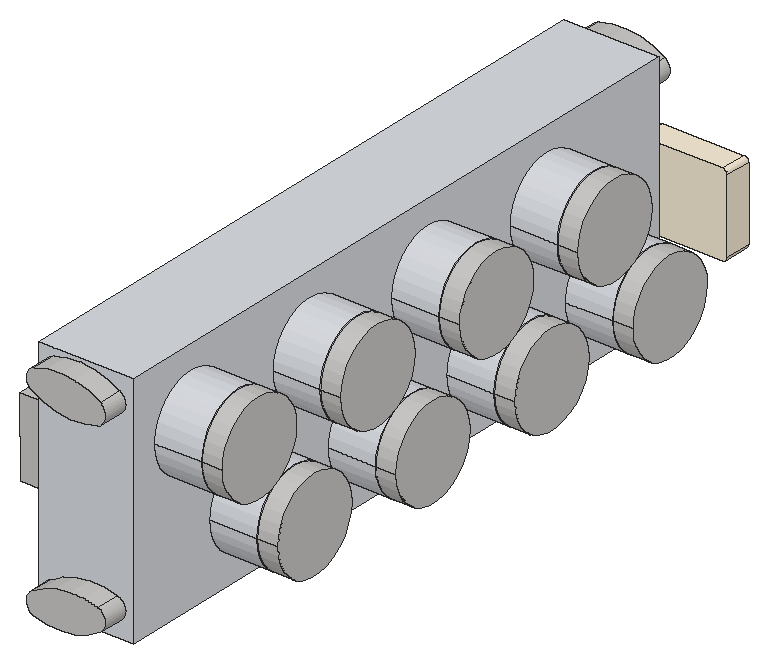
Revit family "HVAC_Ductwork_Airzone_Motorized-Plenum_Haier_Standard_8-Dampers", category Mechanical Equipment, Revit 2016
Family settings
  Part Type = Normal
  Round Connector Dimension = Use Diameter
  OmniClass Number = 23.75.70.14
  OmniClass Title = Air Ductwork
  Work Plane-Based = No
  Always vertical = Yes
  Cut with Voids When Loaded = No
  Shared = No
  Room Calculation Point = No
Parameters (values of type "HAIST01XL8")
  Voltage = 230 V
  URL = "www.airzone.es"
  Type Image Comments = "Image available in product documentation download"  # constant formula
  Revit Model Version = "1.0"  # constant formula
  Revit Model Author URL = "www.a3d.es"
  Revit Model Author = "A3D Consulting"  # constant formula
  Product Documentation Download URL = "http://doc.airzone.es/BIM/Easyzone/Haier-Airzone_motorized_plenum.zip"
  Product Comments = "Refer to technical documentation for further details"  # constant formula
  Power Factor = 1
  Neck Width = 1289.600 mm
  Neck Length = 95.000 mm
  Neck Height = 171.600 mm
  Material = Metal - AIRZONE - Galvanized Sheet - Semi-polished
  Main Control Board Material = Plastic - AIRZONE - Smooth - Off-white
  Load Classification = Other
  Insulated Body Width = 205.000 mm  # constant formula
  Insulated Body Material = Metal -AIRZONE - Insulating Lining -Aluminum Finish
  Insulated Body Length = 1425.000 mm  # constant formula
  Insulated Body Height = 515.000 mm  # constant formula
  Fresh Air Inlet 4 Flow [instance] = 0 m³/h
  Fresh Air Inlet 3 Flow [instance] = 0 m³/h
  Flow [instance] = Damper 8 Air Flow + Damper 7 Air Flow + Damper 6 Air Flow + Damper 5 Air Flow + Damper 4 Air Flow + Damper 3 Air Flow + Damper 2 Air Flow + Damper 1 Air Flow - Fresh Air Inlet 4 Flow - Fresh Air Inlet 3 Flow - Fresh Air Inlet 2 Flow - Fresh Air Inlet 1 Flow  # 2400 m³/h
  Fresh Air Inlet 1 Flow [instance] = 0 m³/h
  Fresh Air Inlet 2 Flow [instance] = 0 m³/h
  Fresh Air Inlet Connection Width = 175.000 mm
  Fresh Air Inlet Connection Height = 75.000 mm
  Model = "HAIST01XL8"
  Neck Side Offset = 67.700 mm
  Neck Bottom Offset = 180.700 mm
  Type Image = <None>
  Manufacturer = "AIRZONE"  # constant formula
  Main Control Board Depth = 57.000 mm  # constant formula
  Main Control Board Width = 195.000 mm  # constant formula
  Main Control Board Height = 180.000 mm  # constant formula
  Fixing = ""
  Disclaimer = "All information provided in this model is reviewed before being published. However, Airzone cannot guarantee this model is error-free, therefore users are strongly encouraged to check for technical documentation and updates"  # constant formula
  Description = "Airzone standard motorized plenum with neck that mechanically adapts to the main ducted AC units of Haier."
  Type Comments = ""
  Dampers Length = 149.000 mm  # constant formula
  Dampers Diameter = 200.000 mm  # constant formula
  Damper 8 Air Flow [instance] = 300 m³/h
  Damper 7 Air Flow [instance] = 300 m³/h
  Damper 6 Air Flow [instance] = 300 m³/h
  Damper 5 Air Flow [instance] = 300 m³/h
  Damper 4 Air Flow [instance] = 300 m³/h
  Damper 1 Air Flow [instance] = 300 m³/h
  Damper 2 Air Flow [instance] = 300 m³/h
  Damper 3 Air Flow [instance] = 300 m³/h
  Fresh Air Inlet Connection Offset Height = 48.305 mm  # constant formula
  Compatible Accesories = ""
  Apparent Load = 57.5 VA
Types (2, lengths in mm): name | Neck Width | Neck Height | Model | Neck Side Offset | Neck Bottom Offset
  HAIST02XL8 | 856.600 | 258.600 | "HAIST02XL8" | 284.200 | 149.700
  HAIST01XL8 | 1289.600 | 171.600 | "HAIST01XL8" | 67.700 | 180.700
Reference planes
  plane 1 "Center (Front/Back)": y = 0
  plane 2 "Center (Elevation)": z = 0
  plane 3 "Center (Left/Right)": x = 0
  plane 4 "Neck Back": y = 644.8
  plane 5 "Neck Front": y = -644.8
  plane 6 "Neck Top": z = 85.8
  plane 7 "Neck Bottom": z = -85.8
  plane 8 "Left": x = 95
  plane 9 "Bottom": z = -266.5
  plane 10 "Top": z = 248.5
  plane 11 "Front": y = -712.5
  plane 12 "Back": y = 712.5
  plane 13 "Right": x = 300
  plane 14 "Dampers Front": x = 449
  plane 15 "Dampers L1 Center (Elevation)": z = 98.5
  plane 16 "Damper3": y = -235.84
  plane 17 "Damper2": y = 85.83
  plane 18 "Damper1": y = 407.5
  plane 19 "Middle": y = 0
  plane 20 "FreshAir L2 Center (Elevation)": z = -218.195
  plane 21 "FreshAir1": y = 765
  plane 22 "FreshAir2": y = -765
  plane 23 "Dampers Lining": x = 404
  plane 24 "FreshAir Vertical Axis": x = 195.83
  plane 25 "ConnectionBox Side": x = 254
  plane 26 "Main Control Board Center (Left/Right)": x = 351.5
  plane 27 "Damper4": y = -557.51
  plane 28 "Dampers L2 Center (Elevation)": z = -116.5
  plane 29 "Damper5": y = 557.51
  plane 30 "Damper6": y = 235.84
  plane 31 "Damper7": y = -85.83
  plane 32 "Damper8": y = -407.5
  plane 33 "InsulatedBody Center (Elevation)": z = -9
  plane 34 "FreshAir L1 Center (Elevation)": z = 200.195
Forms (mm)
  Extrusion 1, solid, material "Metal - AIRZONE - Galvanized Sheet - Semi-polished" <- "Material"
    sketch origin (0, 0, 0) x (0, 1, 0) y (0, 0, 1)
      loop
        line (-644.8, 85.8) -> (-644.8, -85.8) -> (644.8, -85.8) -> (644.8, 85.8) -> (-644.8, 85.8)
    from 0 to 95
  Extrusion 2, solid, material "Metal -AIRZONE - Insulating Lining -Aluminum Finish" <- "Insulated Body Material"
    sketch origin (95, 0, 0) x (0, 1, 0) y (0, 0, 1)
      loop
        line (-712.5, 248.5) -> (-712.5, -266.5) -> (712.5, -266.5) -> (712.5, 248.5) -> (-712.5, 248.5)
    from 0 to 205
  Extrusion 3, solid, material "Metal - AIRZONE - Galvanized Sheet - Semi-polished" <- "Material"
    sketch origin (300, 0, 0) x (0, 1, 0) y (0, 0, 1)
      loop
        circle (-235.84, 98.5) r 100
    from 104 to 149
  Extrusion 4, solid, material "Metal - AIRZONE - Galvanized Sheet - Semi-polished" <- "Material"
    sketch origin (300, 0, 0) x (0, 1, 0) y (0, 0, 1)
      loop
        circle (85.83, 98.5) r 100
    from 104 to 149
  Extrusion 5, solid, material "Metal - AIRZONE - Galvanized Sheet - Semi-polished" <- "Material"
    sketch origin (300, 0, 0) x (0, 1, 0) y (0, 0, 1)
      loop
        circle (407.5, 98.5) r 100
    from 104 to 149
  Extrusion 6, solid, material "Metal - AIRZONE - Galvanized Sheet - Semi-polished" <- "Material"
    sketch origin (0, -712.5, 0) x (0, 0, 1) y (1, 0, 0)
      loop
        arc (-185.641, 265.204) -> (-207.108, 282.105) -> (-231.812, 270.434) r 25.96
        arc (-231.812, 270.434) -> (-257.802, 200.598) -> (-250.349, 126.456) r 164.67
        arc (-250.349, 126.456) -> (-229.165, 109.589) -> (-204.494, 120.751) r 25.96
        arc (-204.494, 120.751) -> (-178.225, 190.78) -> (-185.641, 265.204) r 164.67
    from 0 to -52.5
  Extrusion 7, solid, material "Metal - AIRZONE - Galvanized Sheet - Semi-polished" <- "Material"
    sketch origin (0, 712.5, 0) x (0, 0, 1) y (1, 0, 0)
      loop
        arc (-185.641, 265.204) -> (-206.825, 282.071) -> (-231.496, 270.909) r 25.96
        arc (-231.496, 270.909) -> (-257.679, 201.53) -> (-250.767, 127.699) r 164.67
        arc (-250.767, 127.699) -> (-229.532, 109.637) -> (-204.178, 121.226) r 25.96
        arc (-204.178, 121.226) -> (-178.188, 191.062) -> (-185.641, 265.204) r 164.67
    from 0 to 52.5
  Extrusion 8, solid, material "Metal -AIRZONE - Insulating Lining -Aluminum Finish" <- "Insulated Body Material"
    sketch origin (300, 0, 0) x (0, 1, 0) y (0, 0, 1)
      loop
        circle (407.5, 98.5) r 100
    from 0 to 104
  Extrusion 9, solid, material "Metal -AIRZONE - Insulating Lining -Aluminum Finish" <- "Insulated Body Material"
    sketch origin (300, -260, 0) x (0, 1, 0) y (0, 0, 1)
      loop
        circle (345.83, 98.5) r 100
    from 0 to 104
  Extrusion 10, solid, material "Metal -AIRZONE - Insulating Lining -Aluminum Finish" <- "Insulated Body Material"
    sketch origin (300, -520, 0) x (0, 1, 0) y (0, 0, 1)
      loop
        circle (284.16, 98.5) r 100
    from 0 to 104
  Extrusion 11, solid, material "Metal - AIRZONE - Galvanized Sheet - Semi-polished" <- "Material"
    sketch origin (300, -190, 0) x (0, 1, 0) y (0, 0, 1)
      loop
        circle (-367.51, 98.5) r 100
    from 104 to 149
  Extrusion 12, solid, material "Metal -AIRZONE - Insulating Lining -Aluminum Finish" <- "Insulated Body Material"
    sketch origin (300, -710, 0) x (0, 1, 0) y (0, 0, 1)
      loop
        circle (152.49, 98.5) r 100
    from 0 to 104
  Extrusion 13, solid, material "Metal -AIRZONE - Insulating Lining -Aluminum Finish" <- "Insulated Body Material"
    sketch origin (300, -100, 0) x (0, 1, 0) y (0, 0, 1)
      loop
        circle (657.51, -116.5) r 100
    from 0 to 104
  Extrusion 14, solid, material "Metal - AIRZONE - Galvanized Sheet - Semi-polished" <- "Material"
    sketch origin (300, 150.01, 0) x (0, 1, 0) y (0, 0, 1)
      loop
        circle (407.5, -116.5) r 100
    from 104 to 149
  Extrusion 15, solid, material "Metal -AIRZONE - Insulating Lining -Aluminum Finish" <- "Insulated Body Material"
    sketch origin (300, -421.67, 0) x (0, 1, 0) y (0, 0, 1)
      loop
        circle (657.51, -116.5) r 100
    from 0 to 104
  Extrusion 16, solid, material "Metal - AIRZONE - Galvanized Sheet - Semi-polished" <- "Material"
    sketch origin (300, -171.66, 0) x (0, 1, 0) y (0, 0, 1)
      loop
        circle (407.5, -116.5) r 100
    from 104 to 149
  Extrusion 17, solid, material "Metal -AIRZONE - Insulating Lining -Aluminum Finish" <- "Insulated Body Material"
    sketch origin (300, -743.34, 0) x (0, 1, 0) y (0, 0, 1)
      loop
        circle (657.51, -116.5) r 100
    from 0 to 104
  Extrusion 18, solid, material "Metal - AIRZONE - Galvanized Sheet - Semi-polished" <- "Material"
    sketch origin (300, -493.33, 0) x (0, 1, 0) y (0, 0, 1)
      loop
        circle (407.5, -116.5) r 100
    from 104 to 149
  Extrusion 19, solid, material "Metal -AIRZONE - Insulating Lining -Aluminum Finish" <- "Insulated Body Material"
    sketch origin (300, -1065.01, 0) x (0, 1, 0) y (0, 0, 1)
      loop
        circle (657.51, -116.5) r 100
    from 0 to 104
  Extrusion 20, solid, material "Metal - AIRZONE - Galvanized Sheet - Semi-polished" <- "Material"
    sketch origin (300, -815, 0) x (0, 1, 0) y (0, 0, 1)
      loop
        circle (407.5, -116.5) r 100
    from 104 to 149
  Extrusion 21, solid, material "Metal - AIRZONE - Galvanized Sheet - Semi-polished" <- "Material"
    sketch origin (0, -712.5, -30) x (0, 0, -1) y (-1, 0, 0)
      loop
        arc (-197.641, -265.204) -> (-190.225, -190.78) -> (-216.494, -120.751) r 164.67
        arc (-216.494, -120.751) -> (-241.165, -109.589) -> (-262.349, -126.456) r 25.96
        arc (-262.349, -126.456) -> (-269.802, -200.598) -> (-243.812, -270.434) r 164.67
        arc (-243.812, -270.434) -> (-219.108, -282.105) -> (-197.641, -265.204) r 25.96
    from 0 to -52.5
  Extrusion 22, solid, material "Metal - AIRZONE - Galvanized Sheet - Semi-polished" <- "Material"
    sketch origin (0, 712.5, -30) x (0, 0, -1) y (-1, 0, 0)
      loop
        arc (-197.641, -265.204) -> (-190.188, -191.062) -> (-216.178, -121.226) r 164.67
        arc (-216.178, -121.226) -> (-241.532, -109.637) -> (-262.767, -127.699) r 25.96
        arc (-262.767, -127.699) -> (-269.679, -201.53) -> (-243.496, -270.909) r 164.67
        arc (-243.496, -270.909) -> (-218.825, -282.071) -> (-197.641, -265.204) r 25.96
    from 0 to 52.5
Lines and regions (mm)
  Masking region 1
    outline origin (0, 0, 0) x (1, 0, 0) y (0, 1, 0)
      loop
        line (95, 712.5) -> (95, -712.5) -> (300, -712.5) -> (300, 712.5) -> (95, 712.5)
  Masking region 2, detail levels medium+fine
    outline origin (0, 0, 0) x (1, 0, 0) y (0, 1, 0)
      loop
        line (0, 644.8) -> (0, -644.8) -> (95, -644.8) -> (95, 644.8) -> (0, 644.8)
  Masking region 3, detail levels medium+fine
    outline origin (0, 0, -218.195) x (1, 0, 0) y (0, 1, 0)
      loop
        line (108.33, 765) -> (108.33, 712.5) -> (283.33, 712.5) -> (283.33, 765) -> (108.33, 765)
  Masking region 4, detail levels medium+fine
    outline origin (0, 0, -218.195) x (1, 0, 0) y (0, 1, 0)
      loop
        line (108.33, -712.5) -> (108.33, -765) -> (283.33, -765) -> (283.33, -712.5) -> (108.33, -712.5)
  Masking region 5, detail levels medium+fine
    outline origin (0, 0, 0) x (1, 0, 0) y (0, 1, 0)
      loop
        line (254, 769.5) -> (254, 712.5) -> (449, 712.5) -> (449, 769.5) -> (254, 769.5)
  Masking region 6, detail levels medium+fine
    outline origin (0, 0, 98.5) x (0, -1, 0) y (1, 0, 0)
      loop
        line (457.51, 300) -> (657.51, 300) -> (657.51, 449) -> (457.51, 449) -> (457.51, 300)
  Masking region 7, detail levels medium+fine
    outline origin (0, 321.67, 98.5) x (0, -1, 0) y (1, 0, 0)
      loop
        line (457.51, 300) -> (657.51, 300) -> (657.51, 449) -> (457.51, 449) -> (457.51, 300)
  Masking region 8, detail levels medium+fine
    outline origin (0, 643.34, 98.5) x (0, -1, 0) y (1, 0, 0)
      loop
        line (457.51, 300) -> (657.51, 300) -> (657.51, 449) -> (457.51, 449) -> (457.51, 300)
  Masking region 9, detail levels medium+fine
    outline origin (0, 965.01, 98.5) x (0, -1, 0) y (1, 0, 0)
      loop
        line (457.51, 300) -> (657.51, 300) -> (657.51, 449) -> (457.51, 449) -> (457.51, 300)
  Masking region 10, detail levels medium+fine
    outline origin (0, 0, -116.5) x (0, -1, 0) y (1, 0, 0)
      loop
        line (-657.51, 300) -> (-457.51, 300) -> (-457.51, 449) -> (-657.51, 449) -> (-657.51, 300)
  Masking region 11, detail levels medium+fine
    outline origin (0, -321.67, -116.5) x (0, -1, 0) y (1, 0, 0)
      loop
        line (-657.51, 300) -> (-457.51, 300) -> (-457.51, 449) -> (-657.51, 449) -> (-657.51, 300)
  Masking region 12, detail levels medium+fine
    outline origin (0, -643.34, -116.5) x (0, -1, 0) y (1, 0, 0)
      loop
        line (-657.51, 300) -> (-457.51, 300) -> (-457.51, 449) -> (-657.51, 449) -> (-657.51, 300)
  Masking region 13, detail levels medium+fine
    outline origin (0, -965.01, -116.5) x (0, -1, 0) y (1, 0, 0)
      loop
        line (-657.51, 300) -> (-457.51, 300) -> (-457.51, 449) -> (-657.51, 449) -> (-657.51, 300)
  symbolic lines, detail levels coarse
    curve 1: line (95, -712.5, 0) -> (300, 0, 0)
    curve 2: line (300, 0, 0) -> (95, 712.5, 0)
Dimensions and locks
  equal spacing: plane 4 "Neck Back", plane 1 "Center (Front/Back)", plane 5 "Neck Front"
  "Neck Width": plane 4 "Neck Back" to plane 5 "Neck Front"
  equal spacing: plane 6 "Neck Top", level, plane 7 "Neck Bottom"
  "Neck Height": plane 6 "Neck Top" to plane 7 "Neck Bottom"
  "Neck Length": plane 3 "Center (Left/Right)" to plane 8 "Left"
  "Neck Bottom Offset": plane 7 "Neck Bottom" to plane 9 "Bottom"
  "Insulated Body Height": plane 10 "Top" to plane 9 "Bottom"
  "Insulated Body Length": plane 12 "Back" to plane 11 "Front"
  "Insulated Body Width": plane 8 "Left" to plane 13 "Right"
  "Dampers Length": plane 13 "Right" to plane 14 "Dampers Front"
  equal spacing: plane 12 "Back", plane 19 "Middle", plane 11 "Front"
  plane 8 "Left" to plane 13 "Right" = 205.000 mm
  "Fresh Air Inlet Connection Offset Height": plane 20 "FreshAir L2 Center (Elevation)" to plane 9 "Bottom"
  locked: Extrusion 6 sketch curve to plane 9 "Bottom" at 56.47
  locked: plane 13 "Right" to Extrusion 6 sketch curve at 43.69
  locked: plane 13 "Right" to Extrusion 6 sketch curve at 164.65
  locked: Extrusion 6 sketch curve to plane 9 "Bottom" at 40.54
  locked: plane 13 "Right" to Extrusion 6 sketch curve at 87.91
  locked: plane 9 "Bottom" to Extrusion 6 sketch curve at 75.01
  locked: plane 13 "Right" to Extrusion 6 sketch curve at 120.43
  locked: Extrusion 6 sketch curve to plane 9 "Bottom" at 172.02
  locked: plane 13 "Right" to Extrusion 7 sketch curve at 43.69
  locked: Extrusion 7 sketch curve to plane 9 "Bottom" at 56.47
  locked: Extrusion 7 sketch curve to plane 9 "Bottom" at 40.54
  locked: plane 13 "Right" to Extrusion 7 sketch curve at 164.65
  locked: plane 13 "Right" to Extrusion 7 sketch curve at 120.43
  locked: Extrusion 7 sketch curve to plane 9 "Bottom" at 172.02
  locked: plane 9 "Bottom" to Extrusion 7 sketch curve at 75.01
  locked: plane 13 "Right" to Extrusion 7 sketch curve at 87.91
  "Neck Side Offset": plane 12 "Back" to plane 4 "Neck Back"
  locked: plane 21 "FreshAir1" to plane 12 "Back" at 52.5
  plane 11 "Front" to plane 22 "FreshAir2" = 52.500 mm
  locked: connector elem to plane 13 "Right" at 104.17
  locked: plane 20 "FreshAir L2 Center (Elevation)" to connector elem
  locked: plane 13 "Right" to connector elem at 104.17
  locked: connector elem to plane 20 "FreshAir L2 Center (Elevation)"
  locked: plane 23 "Dampers Lining" to plane 14 "Dampers Front" at 45
  locked: plane 24 "FreshAir Vertical Axis" to plane 13 "Right" at 104.17
  equal spacing: Masking region 3 sketch curve, plane 24 "FreshAir Vertical Axis", Masking region 3 sketch curve
  "Fresh Air Inlet Connection Width": Masking region 3 sketch curve to Masking region 3 sketch curve
  equal spacing: Masking region 4 sketch curve, plane 24 "FreshAir Vertical Axis", Masking region 4 sketch curve
  "Fresh Air Inlet Connection Width": Masking region 4 sketch curve to Masking region 4 sketch curve
  "Main Control Board Depth": Masking region 5 sketch curve to plane 12 "Back"
  "Main Control Board Width": plane 25 "ConnectionBox Side" to plane 14 "Dampers Front"
  equal spacing: plane 25 "ConnectionBox Side", plane 26 "Main Control Board Center (Left/Right)", plane 14 "Dampers Front"
  equal spacing: Masking region 6 sketch curve, plane 27 "Damper4", Masking region 6 sketch curve
  "Dampers Diameter": Masking region 6 sketch curve to Masking region 6 sketch curve
  plane 18 "Damper1" to plane 17 "Damper2" to plane 16 "Damper3" to plane 27 "Damper4" = 321.670 mm locked, 321.670 mm locked, 321.670 mm locked
  locked: plane 17 "Damper2" to plane 19 "Middle" at 85.83
  locked: plane 10 "Top" to plane 15 "Dampers L1 Center (Elevation)" at 150
  locked: plane 28 "Dampers L2 Center (Elevation)" to plane 9 "Bottom" at 150
  plane 29 "Damper5" to plane 30 "Damper6" to plane 31 "Damper7" to plane 32 "Damper8" = 321.670 mm locked, 321.670 mm locked, 321.670 mm locked
  locked: plane 19 "Middle" to plane 31 "Damper7" at 85.83
  equal spacing: Masking region 7 sketch curve, plane 16 "Damper3", Masking region 7 sketch curve
  "Dampers Diameter": Masking region 7 sketch curve to Masking region 7 sketch curve
  equal spacing: Masking region 8 sketch curve, plane 17 "Damper2", Masking region 8 sketch curve
  "Dampers Diameter": Masking region 8 sketch curve to Masking region 8 sketch curve
  equal spacing: Masking region 9 sketch curve, plane 18 "Damper1", Masking region 9 sketch curve
  "Dampers Diameter": Masking region 9 sketch curve to Masking region 9 sketch curve
  equal spacing: Masking region 10 sketch curve, plane 29 "Damper5", Masking region 10 sketch curve
  "Dampers Diameter": Masking region 10 sketch curve to Masking region 10 sketch curve
  equal spacing: Masking region 11 sketch curve, plane 30 "Damper6", Masking region 11 sketch curve
  "Dampers Diameter": Masking region 11 sketch curve to Masking region 11 sketch curve
  equal spacing: Masking region 12 sketch curve, plane 31 "Damper7", Masking region 12 sketch curve
  "Dampers Diameter": Masking region 12 sketch curve to Masking region 12 sketch curve
  equal spacing: Masking region 13 sketch curve, plane 32 "Damper8", Masking region 13 sketch curve
  "Dampers Diameter": Masking region 13 sketch curve to Masking region 13 sketch curve
  equal spacing: plane 10 "Top", plane 33 "InsulatedBody Center (Elevation)", plane 9 "Bottom"
  locked: plane 13 "Right" to Extrusion 21 sketch curve at 43.69
  locked: plane 13 "Right" to Extrusion 21 sketch curve at 87.91
  locked: plane 13 "Right" to Extrusion 21 sketch curve at 120.43
  locked: plane 13 "Right" to Extrusion 21 sketch curve at 164.65
  locked: Extrusion 21 sketch curve to plane 10 "Top" at 75.01
  locked: plane 10 "Top" to Extrusion 21 sketch curve at 40.54
  locked: plane 10 "Top" to Extrusion 21 sketch curve at 56.47
  locked: plane 10 "Top" to Extrusion 21 sketch curve at 172.02
  locked: plane 10 "Top" to Extrusion 22 sketch curve at 75.01
  locked: Extrusion 22 sketch curve to plane 10 "Top" at 40.54
  locked: Extrusion 22 sketch curve to plane 10 "Top" at 56.47
  locked: Extrusion 22 sketch curve to plane 10 "Top" at 172.02
  locked: plane 13 "Right" to Extrusion 22 sketch curve at 43.69
  locked: plane 13 "Right" to Extrusion 22 sketch curve at 87.91
  locked: plane 13 "Right" to Extrusion 22 sketch curve at 120.43
  locked: plane 13 "Right" to Extrusion 22 sketch curve at 164.65
  "Fresh Air Inlet Connection Offset Height": plane 10 "Top" to plane 34 "FreshAir L1 Center (Elevation)"
  locked: connector elem to plane 24 "FreshAir Vertical Axis"  (x2)
  locked: connector elem to plane 34 "FreshAir L1 Center (Elevation)"  (x2)
  "Dampers Diameter": diameter of Extrusion 3 sketch curve
  "Dampers Diameter": diameter of Extrusion 4 sketch curve
  "Dampers Diameter": diameter of Extrusion 5 sketch curve
  radius of Extrusion 7 sketch curve = 164.670 mm  (x2)
  radius of Extrusion 7 sketch curve = 25.960 mm  (x2)
  radius of Extrusion 6 sketch curve = 164.670 mm  (x2)
  radius of Extrusion 6 sketch curve = 25.960 mm  (x2)
  "Dampers Diameter": diameter of Extrusion 8 sketch curve
  "Dampers Diameter": diameter of Extrusion 9 sketch curve
  "Dampers Diameter": diameter of Extrusion 10 sketch curve
  "Dampers Diameter": diameter of Extrusion 11 sketch curve
  "Dampers Diameter": diameter of Extrusion 12 sketch curve
  "Dampers Diameter": diameter of Extrusion 13 sketch curve
  "Dampers Diameter": diameter of Extrusion 14 sketch curve
  "Dampers Diameter": diameter of Extrusion 15 sketch curve
  "Dampers Diameter": diameter of Extrusion 16 sketch curve
  "Dampers Diameter": diameter of Extrusion 17 sketch curve
  "Dampers Diameter": diameter of Extrusion 18 sketch curve
  "Dampers Diameter": diameter of Extrusion 19 sketch curve
  "Dampers Diameter": diameter of Extrusion 20 sketch curve
  radius of Extrusion 21 sketch curve = 164.670 mm  (x2)
  radius of Extrusion 21 sketch curve = 25.960 mm  (x2)
  radius of Extrusion 22 sketch curve = 164.670 mm  (x2)
  radius of Extrusion 22 sketch curve = 25.960 mm  (x2)
  aligned and locked: level to plane 2 "Center (Elevation)"
  aligned and locked: plane 5 "Neck Front" to Extrusion 1 sketch curve
  aligned and locked: Extrusion 1 sketch curve to plane 6 "Neck Top"
  aligned and locked: Extrusion 1 sketch curve to plane 4 "Neck Back"
  aligned and locked: plane 7 "Neck Bottom" to Extrusion 1 sketch curve
  aligned and locked: Extrusion 1 to plane 3 "Center (Left/Right)"
  aligned and locked: Extrusion 2 sketch curve to plane 10 "Top"
  aligned and locked: Extrusion 2 sketch curve to plane 12 "Back"
  aligned and locked: plane 9 "Bottom" to Extrusion 2 sketch curve
  aligned and locked: plane 11 "Front" to Extrusion 2 sketch curve
  aligned and locked: plane 13 "Right" to Extrusion 2
  aligned and locked: Extrusion 2 to plane 8 "Left"
  aligned and locked: plane 16 "Damper3" to Extrusion 3 sketch curve
  aligned and locked: plane 15 "Dampers L1 Center (Elevation)" to Extrusion 3 sketch curve
  aligned and locked: plane 15 "Dampers L1 Center (Elevation)" to Extrusion 4 sketch curve
  aligned and locked: plane 18 "Damper1" to Extrusion 5 sketch curve
  aligned and locked: plane 15 "Dampers L1 Center (Elevation)" to Extrusion 5 sketch curve
  aligned and locked: plane 14 "Dampers Front" to Extrusion 5
  aligned and locked: plane 14 "Dampers Front" to Extrusion 4
  aligned and locked: plane 14 "Dampers Front" to Extrusion 3
  aligned and locked: plane 8 "Left" to Extrusion 1
  aligned and locked: plane 22 "FreshAir2" to Extrusion 6
  aligned and locked: plane 21 "FreshAir1" to Extrusion 7
  aligned and locked: Extrusion 7 to plane 12 "Back"
  aligned and locked: plane 11 "Front" to Extrusion 6
  aligned and locked: Extrusion 5 to plane 23 "Dampers Lining"
  aligned and locked: Extrusion 5 to Extrusion 4
  aligned and locked: Extrusion 4 to Extrusion 3
  aligned and locked: plane 23 "Dampers Lining" to Extrusion 8
  aligned and locked: Extrusion 10 to plane 13 "Right"
  aligned and locked: plane 23 "Dampers Lining" to Extrusion 10
  aligned and locked: Extrusion 9 to plane 13 "Right"
  aligned and locked: plane 23 "Dampers Lining" to Extrusion 9
  aligned and locked: Extrusion 8 to plane 13 "Right"
  aligned and locked: Extrusion 9 to Extrusion 8
  aligned and locked: plane 18 "Damper1" to Extrusion 8 sketch curve
  aligned and locked: plane 15 "Dampers L1 Center (Elevation)" to Extrusion 8 sketch curve
  aligned and locked: plane 15 "Dampers L1 Center (Elevation)" to Extrusion 9 sketch curve
  aligned and locked: plane 16 "Damper3" to Extrusion 10 sketch curve
  aligned and locked: plane 15 "Dampers L1 Center (Elevation)" to Extrusion 10 sketch curve
  aligned and locked: Masking region 1 sketch curve to plane 12 "Back"
  aligned and locked: plane 8 "Left" to Masking region 1 sketch curve
  aligned and locked: Masking region 1 sketch curve to plane 13 "Right"
  aligned and locked: plane 11 "Front" to Masking region 1 sketch curve
  aligned and locked: plane 5 "Neck Front" to Masking region 2 sketch curve
  aligned and locked: plane 3 "Center (Left/Right)" to Masking region 2 sketch curve
  aligned and locked: Masking region 2 sketch curve to plane 4 "Neck Back"
  aligned and locked: Masking region 2 sketch curve to plane 8 "Left"
  aligned and locked: plane 12 "Back" to Masking region 3 sketch curve
  aligned and locked: Masking region 3 sketch curve to plane 21 "FreshAir1"
  aligned and locked: Masking region 4 sketch curve to plane 11 "Front"
  aligned and locked: Masking region 4 sketch curve to plane 22 "FreshAir2"
  aligned and locked: plane 12 "Back" to Masking region 5 sketch curve
  aligned and locked: Masking region 5 sketch curve to plane 14 "Dampers Front"
  aligned and locked: plane 25 "ConnectionBox Side" to Masking region 5 sketch curve
  aligned and locked: plane 17 "Damper2" to Extrusion 9 sketch curve
  aligned and locked: plane 17 "Damper2" to Extrusion 4 sketch curve
  aligned and locked: Masking region 6 sketch curve to plane 14 "Dampers Front"
  aligned and locked: plane 13 "Right" to Masking region 6 sketch curve
  aligned and locked: Extrusion 12 to plane 13 "Right"
  aligned and locked: plane 23 "Dampers Lining" to Extrusion 12
  aligned and locked: Extrusion 11 to plane 23 "Dampers Lining"
  aligned and locked: plane 14 "Dampers Front" to Extrusion 11
  aligned and locked: plane 15 "Dampers L1 Center (Elevation)" to Extrusion 12 sketch curve
  aligned and locked: plane 27 "Damper4" to Extrusion 12 sketch curve
  aligned and locked: plane 15 "Dampers L1 Center (Elevation)" to Extrusion 11 sketch curve
  aligned and locked: plane 27 "Damper4" to Extrusion 11 sketch curve
  aligned and locked: Extrusion 13 to plane 13 "Right"
  aligned and locked: plane 23 "Dampers Lining" to Extrusion 13
  aligned and locked: plane 28 "Dampers L2 Center (Elevation)" to Extrusion 13 sketch curve
  aligned and locked: plane 29 "Damper5" to Extrusion 13 sketch curve
  aligned and locked: Extrusion 14 to plane 23 "Dampers Lining"
  aligned and locked: plane 14 "Dampers Front" to Extrusion 14
  aligned and locked: plane 28 "Dampers L2 Center (Elevation)" to Extrusion 14 sketch curve
  aligned and locked: plane 29 "Damper5" to Extrusion 14 sketch curve
  aligned and locked: Extrusion 15 to plane 13 "Right"
  aligned and locked: plane 23 "Dampers Lining" to Extrusion 15
  aligned and locked: Extrusion 17 to plane 13 "Right"
  aligned and locked: plane 23 "Dampers Lining" to Extrusion 17
  aligned and locked: Extrusion 19 to plane 13 "Right"
  aligned and locked: plane 23 "Dampers Lining" to Extrusion 19
  aligned and locked: Extrusion 20 to plane 23 "Dampers Lining"
  aligned and locked: plane 14 "Dampers Front" to Extrusion 20
  aligned and locked: Extrusion 18 to plane 23 "Dampers Lining"
  aligned and locked: plane 14 "Dampers Front" to Extrusion 18
  aligned and locked: Extrusion 16 to plane 23 "Dampers Lining"
  aligned and locked: plane 14 "Dampers Front" to Extrusion 16
  aligned and locked: plane 30 "Damper6" to Extrusion 16 sketch curve
  aligned and locked: plane 28 "Dampers L2 Center (Elevation)" to Extrusion 16 sketch curve
  aligned and locked: plane 31 "Damper7" to Extrusion 18 sketch curve
  aligned and locked: plane 28 "Dampers L2 Center (Elevation)" to Extrusion 18 sketch curve
  aligned and locked: plane 32 "Damper8" to Extrusion 20 sketch curve
  aligned and locked: plane 28 "Dampers L2 Center (Elevation)" to Extrusion 20 sketch curve
  aligned and locked: plane 32 "Damper8" to Extrusion 19 sketch curve
  aligned and locked: plane 28 "Dampers L2 Center (Elevation)" to Extrusion 19 sketch curve
  aligned and locked: plane 28 "Dampers L2 Center (Elevation)" to Extrusion 17 sketch curve
  aligned and locked: plane 31 "Damper7" to Extrusion 17 sketch curve
  aligned and locked: plane 30 "Damper6" to Extrusion 15 sketch curve
  aligned and locked: plane 28 "Dampers L2 Center (Elevation)" to Extrusion 15 sketch curve
  aligned and locked: plane 13 "Right" to Masking region 7 sketch curve
  aligned and locked: Masking region 7 sketch curve to plane 14 "Dampers Front"
  aligned and locked: plane 13 "Right" to Masking region 8 sketch curve
  aligned and locked: Masking region 8 sketch curve to plane 14 "Dampers Front"
  aligned and locked: plane 13 "Right" to Masking region 9 sketch curve
  aligned and locked: Masking region 9 sketch curve to plane 14 "Dampers Front"
  aligned and locked: plane 13 "Right" to Masking region 10 sketch curve
  aligned and locked: Masking region 10 sketch curve to plane 14 "Dampers Front"
  aligned and locked: plane 13 "Right" to Masking region 13 sketch curve
  aligned and locked: Masking region 13 sketch curve to plane 14 "Dampers Front"
  aligned and locked: plane 13 "Right" to Masking region 12 sketch curve
  aligned and locked: Masking region 12 sketch curve to plane 14 "Dampers Front"
  aligned and locked: plane 13 "Right" to Masking region 11 sketch curve
  aligned and locked: Masking region 11 sketch curve to plane 14 "Dampers Front"
  aligned and locked: plane 11 "Front" to Extrusion 21
  aligned and locked: plane 22 "FreshAir2" to Extrusion 21
  aligned and locked: plane 21 "FreshAir1" to Extrusion 22
  aligned and locked: Extrusion 22 to plane 12 "Back"
  aligned and locked: nested 1 to plane 12 "Back"
  aligned and locked: nested 1 to plane 26 "Main Control Board Center (Left/Right)"
  aligned and locked: nested 1 to plane 33 "InsulatedBody Center (Elevation)"
Automatic sketch dimensions
  curve 2 to plane 8 "Left" = 0.000 mm
  curve 1 to plane 8 "Left" = 0.000 mm
  curve 2 to plane 13 "Right" = 0.000 mm
  curve 1 to plane 11 "Front" = 0.000 mm
  curve 2 to plane 19 "Middle" = 0.000 mm
  curve 2 to plane 12 "Back" = 0.000 mm
Nested families
  nested 1: "Airzone_Main-Control-Board" at (351.5, 712.5, -9) x (-1, 0, 0) z (0, 1, 0), Extrusion <- "Main Control Board Depth", Height <- "Main Control Board Height", Width <- "Main Control Board Width", Material <- "Main Control Board Material", type "Standard"
    with Width 195.000 mm, Material Plastic - AIRZONE - Smooth - Off-white, Height 180.000 mm, Extrusion 57.000 mm
Connectors
  hvac at (449, -235.84, 98.5), driven by "Damper 3 Air Flow", driven by "Dampers Diameter"
    settings: on Extrusion 3, index 1, duct flow 300 m³/h, flow factor 0, pres drop 0.0 Pa, loss coef 0, conn angle 0.00°, conn width 304.8 mm, conn height 304.8 mm, conn diameter 200 mm, duct sys type 1, conn prof type 0, flow config 0, flow direction 2, loss method 0, conn ref index -1, conn util no, is conn primary no, conn desc "Supply Air Out 3"
  hvac at (449, 85.83, 98.5), driven by "Damper 2 Air Flow", driven by "Dampers Diameter"
    settings: on Extrusion 4, index 2, duct flow 300 m³/h, flow factor 0, pres drop 0.0 Pa, loss coef 0, conn angle 0.00°, conn width 304.8 mm, conn height 304.8 mm, conn diameter 200 mm, duct sys type 1, conn prof type 0, flow config 0, flow direction 2, loss method 0, conn ref index -1, conn util no, is conn primary no, conn desc "Supply Air Out 2"
  hvac at (449, 407.5, 98.5), driven by "Damper 1 Air Flow", driven by "Dampers Diameter"
    settings: on Extrusion 5, index 3, duct flow 300 m³/h, flow factor 0, pres drop 0.0 Pa, loss coef 0, conn angle 0.00°, conn width 304.8 mm, conn height 304.8 mm, conn diameter 200 mm, duct sys type 1, conn prof type 0, flow config 0, flow direction 2, loss method 0, conn ref index -1, conn util no, is conn primary no, conn desc "Supply Air Out 1"
  hvac at (0, 0, 0), driven by "Flow", driven by "Neck Height", driven by "Neck Width"
    settings: on Extrusion 1, index 6, duct flow 2400 m³/h, flow factor 0, pres drop 0.0 Pa, loss coef 0, conn angle 0.00°, conn width 1289.6 mm, conn height 171.6 mm, conn diameter 609.6 mm, duct sys type 1, conn prof type 1, flow config 1, flow direction 1, loss method 0, conn ref index -1, conn util no, is conn primary yes, conn desc "Supply Air In"
  hvac at (195.83, -765, -218.195), driven by "Fresh Air Inlet 4 Flow", driven by "Fresh Air Inlet Connection Width", driven by "Fresh Air Inlet Connection Height"
    settings: index 7, duct flow 0 m³/h, flow factor 0, pres drop 0.0 Pa, loss coef 0, conn angle 0.00°, conn width 175 mm, conn height 75 mm, conn diameter 609.6 mm, duct sys type 1, conn prof type 2, flow config 1, flow direction 1, loss method 0, conn ref index -1, conn util no, is conn primary no, conn desc "Fresh Air In 4"
  hvac at (195.83, 765, -218.195), driven by "Fresh Air Inlet 3 Flow", driven by "Fresh Air Inlet Connection Height", driven by "Fresh Air Inlet Connection Width"
    settings: index 8, duct flow 0 m³/h, flow factor 0, pres drop 0.0 Pa, loss coef 0, conn angle 0.00°, conn width 175 mm, conn height 75 mm, conn diameter 609.6 mm, duct sys type 1, conn prof type 2, flow config 1, flow direction 1, loss method 0, conn ref index -1, conn util no, is conn primary no, conn desc "Fresh Air In 3"
  hvac at (449, -557.51, 98.5), driven by "Damper 4 Air Flow", driven by "Dampers Diameter"
    settings: on Extrusion 11, index 9, duct flow 300 m³/h, flow factor 0, pres drop 0.0 Pa, loss coef 0, conn angle 0.00°, conn width 304.8 mm, conn height 304.8 mm, conn diameter 200 mm, duct sys type 1, conn prof type 0, flow config 0, flow direction 2, loss method 0, conn ref index -1, conn util no, is conn primary no, conn desc "Supply Air Out 4"
  hvac at (449, 557.51, -116.5), driven by "Dampers Diameter", driven by "Damper 5 Air Flow"
    settings: on Extrusion 14, index 10, duct flow 300 m³/h, flow factor 0, pres drop 0.0 Pa, loss coef 0, conn angle 0.00°, conn width 304.8 mm, conn height 304.8 mm, conn diameter 200 mm, duct sys type 1, conn prof type 0, flow config 0, flow direction 2, loss method 0, conn ref index -1, conn util no, is conn primary no, conn desc ""
  hvac at (449, 235.84, -116.5), driven by "Dampers Diameter", driven by "Damper 6 Air Flow"
    settings: on Extrusion 16, index 11, duct flow 300 m³/h, flow factor 0, pres drop 0.0 Pa, loss coef 0, conn angle 0.00°, conn width 304.8 mm, conn height 304.8 mm, conn diameter 200 mm, duct sys type 1, conn prof type 0, flow config 0, flow direction 2, loss method 0, conn ref index -1, conn util no, is conn primary no, conn desc ""
  hvac at (449, -85.83, -116.5), driven by "Dampers Diameter", driven by "Damper 7 Air Flow"
    settings: on Extrusion 18, index 12, duct flow 300 m³/h, flow factor 0, pres drop 0.0 Pa, loss coef 0, conn angle 0.00°, conn width 304.8 mm, conn height 304.8 mm, conn diameter 200 mm, duct sys type 1, conn prof type 0, flow config 0, flow direction 2, loss method 0, conn ref index -1, conn util no, is conn primary no, conn desc ""
  hvac at (449, -407.5, -116.5), driven by "Dampers Diameter", driven by "Damper 8 Air Flow"
    settings: on Extrusion 20, index 13, duct flow 300 m³/h, flow factor 0, pres drop 0.0 Pa, loss coef 0, conn angle 0.00°, conn width 304.8 mm, conn height 304.8 mm, conn diameter 200 mm, duct sys type 1, conn prof type 0, flow config 0, flow direction 2, loss method 0, conn ref index -1, conn util no, is conn primary no, conn desc ""
  hvac at (195.83, -765, 200.195), driven by "Fresh Air Inlet 2 Flow", driven by "Fresh Air Inlet Connection Height", driven by "Fresh Air Inlet Connection Width"
    settings: index 14, duct flow 0 m³/h, flow factor 0, pres drop 0.0 Pa, loss coef 0, conn angle 0.00°, conn width 175 mm, conn height 75 mm, conn diameter 609.6 mm, duct sys type 1, conn prof type 2, flow config 1, flow direction 1, loss method 0, conn ref index -1, conn util no, is conn primary no, conn desc "Fresh Air In 2"
  hvac at (195.83, 765, 200.195), driven by "Fresh Air Inlet 1 Flow", driven by "Fresh Air Inlet Connection Height", driven by "Fresh Air Inlet Connection Width"
    settings: index 15, duct flow 0 m³/h, flow factor 0, pres drop 0.0 Pa, loss coef 0, conn angle 0.00°, conn width 175 mm, conn height 75 mm, conn diameter 609.6 mm, duct sys type 1, conn prof type 2, flow config 1, flow direction 1, loss method 0, conn ref index -1, conn util no, is conn primary no, conn desc "Fresh Air In 1"
  electrical at (351.5, 769.5, -9), driven by "Load Classification", driven by "Voltage", driven by "Apparent Load", driven by "Power Factor"
    settings: on nested 1, index 16, voltage 230 V, apparent load 57.5 VA, apparent load phase1 0 VA, apparent load phase2 0 VA, apparent load phase3 0 VA, power factor 1, load classification "Other", number of poles 1, system type 30, power factor state 1, is connector primary yes, connector utility no, sub classification motor no, connector description "Power Supply"
Definition of nested family "Airzone_Main-Control-Board"
  Parameters (values of type "Standard")
    Width [instance] = 195.000 mm
    URL = "www.airzone.es"
    Revit Model Version = "1.0"  # constant formula
    Revit Model Author URL = "www.a3d.es"
    Revit Model Author = "A3D Consulting"  # constant formula
    Material [instance] = none
    Manufacturer = "AIRZONE"  # constant formula
    Height [instance] = 180.000 mm
    Extrusion [instance] = 57.000 mm
    Default Elevation = 0.000 mm
  Reference planes
    plane 1 "Center (Front/Back)": y = 0
    plane 2: z = 0
    plane 3 "Center (Left/Right)": x = 0
    plane 4: y = 90
    plane 5: y = -90
    plane 6: x = 97.5
    plane 7: x = -97.5
  Forms (mm)
    Extrusion 1, solid, material <- "Material"
      sketch origin (0, 0, 0) x (1, 0, 0) y (0, 1, 0)
        loop
          arc (-87.5, 90) -> (-94.571, 87.071) -> (-97.5, 80) r 10
          line (-97.5, 80) -> (-97.5, -80)
          arc (-97.5, -80) -> (-94.571, -87.071) -> (-87.5, -90) r 10
          line (-87.5, -90) -> (87.5, -90)
          arc (87.5, -90) -> (94.571, -87.071) -> (97.5, -80) r 10
          line (97.5, -80) -> (97.5, 80)
          arc (97.5, 80) -> (94.571, 87.071) -> (87.5, 90) r 10
          line (87.5, 90) -> (-87.5, 90)
      from 0 to 57 <- "Extrusion"
  Dimensions and locks
    equal spacing: plane 7, plane 3 "Center (Left/Right)", plane 6
    equal spacing: plane 4, plane 1 "Center (Front/Back)", plane 5
    "Width": plane 7 to plane 6
    "Height": plane 4 to plane 5
    radius of Extrusion 1 sketch curve = 10.000 mm  (x4)
    aligned and locked: level to plane 2
    aligned and locked: plane 5 to Extrusion 1 sketch curve
    aligned and locked: Extrusion 1 sketch curve to plane 6
    aligned and locked: Extrusion 1 sketch curve to plane 4
    aligned and locked: plane 7 to Extrusion 1 sketch curve
